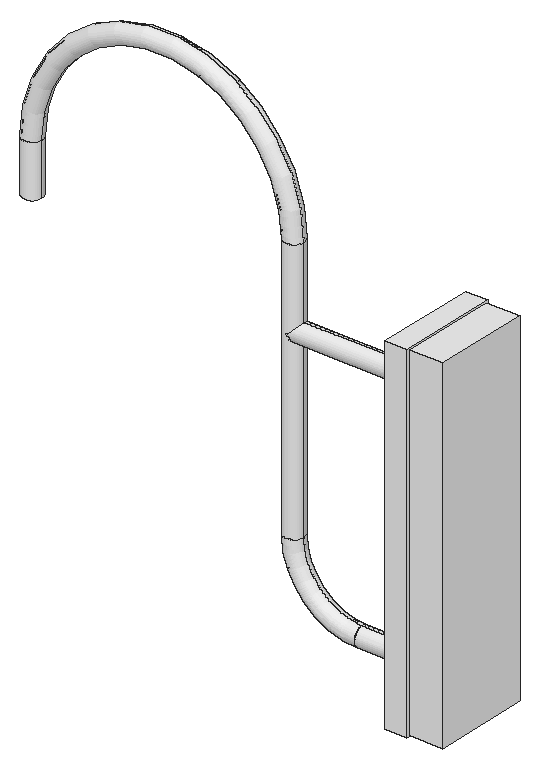
Revit family "WM74", category Generic Models, Revit 2017
Family settings
  Can host rebar = No
  Round Connector Dimension = Use Diameter
  Part Type = Normal
  Work Plane-Based = No
  Always vertical = Yes
  Cut with Voids When Loaded = No
  Shared = No
  Room Calculation Point = No
Parameters
  WM75 = Aluminum
Reference planes (in)
  plane 1 "Center (Front/Back)": y = 0
  plane 2: z = 0
  plane 3 "Center (Left/Right)": x = 0
Forms (in)
  Extrusion 1, solid, material "Aluminum" <- "WM75"
    sketch origin (-10.4064, 0, -1.29581) x (1, 0, 0) y (0, 0, 1)
      loop
        line (34.1401, 19.23331) -> (32.3901, 19.23331) -> (32.3901, 1.35831) -> (34.1401, 1.35831) -> (34.1401, 19.23331)
    from -2.5 to 2.5
  Extrusion 2, solid, material "Aluminum" <- "WM75"
    sketch origin (-10.4064, 0, -1.29581) x (1, 0, 0) y (0, 0, 1)
      loop
        line (32.3901, 19.29581) -> (31.2651, 19.29581) -> (31.2651, 1.29581) -> (32.3901, 1.29581) -> (32.3901, 19.29581)
    from -2.625 to 2.625
  Sweep 3, solid, material "Aluminum" <- "WM75"
    path origin (-10.4064, 0, -1.29581) x (1, 0, 0) y (0, 0, 1)
      loop
        line (31.2651, 3.29581) -> (27.9814, 3.29581)
        arc (27.9814, 3.29581) -> (25.48885, 4.32826) -> (24.4564, 6.82081) r 3.525
        line (24.4564, 6.82081) -> (24.4564, 20.49581)
        arc (24.4564, 20.49581) -> (17.6814, 27.27081) -> (10.9064, 20.49581) r 6.775
        line (10.9064, 20.49581) -> (10.9064, 17.79581)
    profile origin (19.21685, 0, 2) x (0, 0, -1) y (0, -1, 0)
      loop
        circle (0, 0) r 0.5
      loop
        circle (0, 0) r 0.4375
  Revolve 4, solid, material "Aluminum" <- "WM75"
    sketch origin (-10.4064, 0, -1.29581) x (1, 0, 0) y (0, 0, 1)
      loop
        line (31.2651, 16.79581) -> (24.4564, 16.79581) -> (24.4564, 16.73331) -> (31.2651, 16.73331) -> (31.2651, 16.79581)
      axis (31.2651, 16.29581) -> (24.4564, 16.29581)
    angle from 0 to 360
Dimensions and locks (in)
  aligned and locked: plane 2 to level
